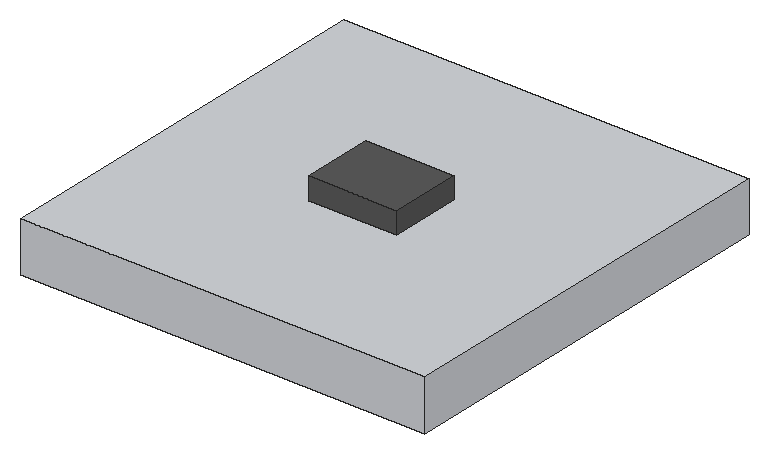
Revit family "r2018_videomax_urm_stoechnogo_ispolneniya", category Устройства связи, Revit 2018 (continued)
Definition of nested family "videomax_19 3U (3S, 3N)"
  Lines and regions (mm)
    model lines, visible <- "Front_500", detail levels fine
      curve 927: line (-38.67, 104.394, 0) -> (-39.638, 104.394, 0)
      curve 928: line (-39.638, 104.394, 0) -> (-39.638, 107.402, 0)
      curve 929: line (-37.781, 107.402, 0) -> (-36.41, 107.402, 0)
      curve 930: line (-36.395, 104.394, 0) -> (-37.746, 104.394, 0)
      curve 931: line (-38.24, 104.827, 0) -> (-38.24, 106.884, 0)
      curve 932: line (-37.269, 105.319, 0) -> (-37.269, 106.49, 0)
      curve 933: line (-34.449, 107.402, 0) -> (-32.241, 107.402, 0)
      curve 934: line (-32.241, 107.402, 0) -> (-32.241, 106.672, 0)
      curve 935: line (-32.241, 106.672, 0) -> (-33.747, 106.672, 0)
      curve 936: line (-33.926, 106.499, 0) -> (-33.926, 106.255, 0)
      curve 937: line (-33.926, 106.255, 0) -> (-32.285, 106.255, 0)
      curve 938: line (-32.285, 106.255, 0) -> (-32.285, 105.602, 0)
      curve 939: line (-32.285, 105.602, 0) -> (-33.926, 105.602, 0)
      curve 940: line (-33.926, 105.602, 0) -> (-33.926, 105.275, 0)
      curve 941: line (-33.731, 105.125, 0) -> (-32.241, 105.125, 0)
      curve 942: line (-32.241, 105.125, 0) -> (-32.241, 104.394, 0)
      curve 943: line (-32.241, 104.394, 0) -> (-34.395, 104.394, 0)
      curve 944: line (-34.897, 104.876, 0) -> (-34.897, 106.953, 0)
      curve 945: line (-28.361, 106.92, 0) -> (-28.361, 104.394, 0)
      curve 946: line (-28.361, 104.394, 0) -> (-27.386, 104.394, 0)
      curve 947: line (-27.386, 104.394, 0) -> (-27.416, 106.255, 0)
      curve 948: line (-27.416, 106.255, 0) -> (-26.844, 104.721, 0)
      curve 949: line (-26.545, 104.394, 0) -> (-26.296, 104.36, 0)
      curve 950: line (-26.296, 104.36, 0) -> (-26.03, 104.388, 0)
      curve 951: line (-25.711, 104.721, 0) -> (-25.221, 106.255, 0)
      curve 952: line (-25.221, 106.255, 0) -> (-25.169, 104.394, 0)
      curve 953: line (-25.169, 104.394, 0) -> (-24.189, 104.394, 0)
      curve 954: line (-24.189, 104.394, 0) -> (-24.189, 106.917, 0)
      curve 955: line (-25.697, 106.953, 0) -> (-26.192, 105.459, 0)
      curve 956: line (-26.361, 105.459, 0) -> (-26.86, 106.959, 0)
      curve 957: line (-20.725, 107.402, 0) -> (-19.565, 107.402, 0)
      curve 958: line (-19.565, 107.402, 0) -> (-19.054, 106.599, 0)
      curve 959: line (-19.054, 106.599, 0) -> (-18.542, 107.402, 0)
      curve 960: line (-18.542, 107.402, 0) -> (-17.382, 107.402, 0)
      curve 961: line (-17.382, 107.402, 0) -> (-18.486, 105.92, 0)
      curve 962: line (-18.486, 105.92, 0) -> (-17.348, 104.394, 0)
      curve 963: line (-17.348, 104.394, 0) -> (-18.505, 104.394, 0)
      curve 964: line (-18.505, 104.394, 0) -> (-19.054, 105.241, 0)
      curve 965: line (-19.054, 105.241, 0) -> (-19.599, 104.394, 0)
      curve 966: line (-19.599, 104.394, 0) -> (-20.753, 104.394, 0)
      curve 967: line (-20.753, 104.394, 0) -> (-19.621, 105.92, 0)
      curve 968: line (-19.621, 105.92, 0) -> (-20.725, 107.402, 0)
      curve 969: line (-22.988, 107.077, 0) -> (-24.102, 104.394, 0)
      curve 970: line (-24.102, 104.394, 0) -> (-23.08, 104.394, 0)
      curve 971: line (-23.08, 104.394, 0) -> (-22.844, 105.013, 0)
      curve 972: line (-22.844, 105.013, 0) -> (-21.761, 105.013, 0)
      curve 973: line (-21.761, 105.013, 0) -> (-21.525, 104.394, 0)
      curve 974: line (-21.525, 104.394, 0) -> (-20.508, 104.394, 0)
      curve 975: line (-20.508, 104.394, 0) -> (-21.617, 107.077, 0)
      curve 976: line (-38.151, 111.645, 0) -> (-40.843, 118.236, 0)
      curve 977: line (-40.843, 118.236, 0) -> (-38.175, 118.236, 0)
      curve 978: line (-38.175, 118.236, 0) -> (-36.349, 112.946, 0)
      curve 979: line (-36.099, 112.946, 0) -> (-34.584, 116.993, 0)
      curve 980: line (-31.862, 118.145, 0) -> (-34.299, 111.645, 0)
      curve 981: line (-30.71, 117.008, 0) -> (-29.34, 113.655, 0)
      curve 982: line (-29.34, 113.655, 0) -> (-27.968, 117.014, 0)
      curve 983: line (-24.105, 117.014, 0) -> (-21.415, 110.428, 0)
      curve 984: line (-21.415, 110.428, 0) -> (-24.084, 110.428, 0)
      curve 985: line (-24.084, 110.428, 0) -> (-25.879, 115.625, 0)
      curve 986: line (-26.194, 115.625, 0) -> (-28.006, 110.428, 0)
      curve 987: line (-28.006, 110.428, 0) -> (-30.675, 110.428, 0)
      curve 988: line (-30.675, 110.428, 0) -> (-32.259, 114.955, 0)
      curve 989: line (-32.259, 114.955, 0) -> (-31.208, 117.769, 0)
      curve 990: line (27.454, 82.508, 0) -> (27.454, 68.313, 0)
      curve 991: line (27.454, 68.313, 0) -> (33.726, 68.313, 0)
      curve 992: line (33.726, 68.313, 0) -> (33.726, 82.508, 0)
      curve 993: line (33.726, 82.508, 0) -> (27.454, 82.508, 0)
      curve 994: line (29.854, 80.435, 0) -> (29.854, 70.459, 0)
      curve 995: line (18.765, 82.508, 0) -> (18.765, 68.313, 0)
      curve 996: line (18.765, 68.313, 0) -> (25.037, 68.313, 0)
      curve 997: line (25.037, 68.313, 0) -> (25.037, 82.508, 0)
      curve 998: line (25.037, 82.508, 0) -> (18.765, 82.508, 0)
      curve 999: line (21.165, 80.435, 0) -> (21.165, 70.459, 0)
      curve 1000: line (-6.528, 14.183, 0) -> (-2.178, 14.183, 0)
      curve 1007: line (-11.199, 19.546, 0) -> (4.536, 19.546, 0)
      curve 1008: line (4.536, 19.546, 0) -> (4.536, 8.778, 0)
      curve 1009: line (4.536, 8.778, 0) -> (-11.236, 8.778, 0)
      curve 1010: line (-11.236, 8.778, 0) -> (-11.199, 19.546, 0)
      curve 1019: line (18.572, 19.447, 0) -> (34.307, 19.447, 0)
      curve 1020: line (34.307, 19.447, 0) -> (34.307, 8.678, 0)
      curve 1021: line (34.307, 8.678, 0) -> (18.535, 8.678, 0)
      curve 1022: line (18.535, 8.678, 0) -> (18.572, 19.447, 0)
      curve 1680: arc (-149.881, 123.057, 0) -> (-146.463, 119.402, 0) -> (-149.881, 115.747, 0) r 3.663
      curve 1681: arc (-154.006, 115.747, 0) -> (-157.469, 119.356, 0) -> (-154.106, 123.057, 0) r 3.664
      curve 1682: arc (-149.836, 107.064, 0) -> (-146.418, 103.409, 0) -> (-149.836, 99.754, 0) r 3.663
      curve 1683: arc (-153.961, 99.754, 0) -> (-157.424, 103.362, 0) -> (-154.061, 107.064, 0) r 3.664
      curve 1684: arc (-149.933, 17.347, 0) -> (-146.515, 13.692, 0) -> (-149.933, 10.037, 0) r 3.663
      curve 1685: arc (-154.058, 10.037, 0) -> (-157.521, 13.645, 0) -> (-154.158, 17.347, 0) r 3.664
      curve 1686: arc (-149.888, 1.354, 0) -> (-146.47, -2.302, 0) -> (-149.888, -5.957, 0) r 3.663
      curve 1687: arc (-154.013, -5.957, 0) -> (-157.476, -2.348, 0) -> (-154.113, 1.354, 0) r 3.664
      curve 1688: arc (-158.273, 83.54, 0) -> (-155.232, 86.987, 0) -> (-152.191, 83.54, 0) r 3.065
      curve 1689: arc (-152.191, 33.241, 0) -> (-155.233, 30.202, 0) -> (-158.273, 33.243, 0) r 3.041
      curve 1690: arc (311.534, 83.517, 0) -> (314.575, 86.964, 0) -> (317.616, 83.517, 0) r 3.065
      curve 1691: arc (317.616, 33.218, 0) -> (314.574, 30.179, 0) -> (311.534, 33.22, 0) r 3.041
      curve 1692: arc (313.873, 123.042, 0) -> (317.291, 119.387, 0) -> (313.873, 115.732, 0) r 3.663
      curve 1693: arc (309.748, 115.732, 0) -> (306.285, 119.34, 0) -> (309.648, 123.042, 0) r 3.664
      curve 1694: arc (313.918, 107.049, 0) -> (317.336, 103.394, 0) -> (313.918, 99.738, 0) r 3.663
      curve 1695: arc (309.793, 99.738, 0) -> (306.33, 103.347, 0) -> (309.693, 107.049, 0) r 3.664
      curve 1696: arc (313.821, 17.332, 0) -> (317.239, 13.676, 0) -> (313.821, 10.021, 0) r 3.663
      curve 1697: arc (309.696, 10.021, 0) -> (306.233, 13.63, 0) -> (309.596, 17.332, 0) r 3.664
      curve 1698: arc (313.866, 1.338, 0) -> (317.284, -2.317, 0) -> (313.866, -5.972, 0) r 3.663
      curve 1699: arc (309.741, -5.972, 0) -> (306.278, -2.363, 0) -> (309.641, 1.338, 0) r 3.664
      curve 1704: arc (-100.313, 66.381, 0) -> (-98.337, 65.527, 0) -> (-97.483, 63.551, 0) r 2.923
      curve 1705: arc (-97.475, 33.44, 0) -> (-98.303, 31.51, 0) -> (-100.208, 30.626, 0) r 2.935
      curve 1706: arc (-103.497, 30.626, 0) -> (-105.089, 31.201, 0) -> (-106.079, 32.573, 0) r 2.868
      curve 1707: arc (-106.133, 32.736, 0) -> (-106.162, 32.822, 0) -> (-106.183, 32.91, 0) r 1.175
      curve 1708: arc (-106.241, 63.669, 0) -> (-105.392, 65.546, 0) -> (-103.516, 66.395, 0) r 2.92
      curve 1709: arc (-111.736, 76.973, 0) -> (-103.272, 81.767, 0) -> (-94.215, 78.217, 0) r 11.313
      curve 1710: arc (-71.456, 66.359, 0) -> (-69.48, 65.504, 0) -> (-68.626, 63.529, 0) r 2.923
      curve 1711: arc (-68.618, 33.417, 0) -> (-69.446, 31.487, 0) -> (-71.351, 30.604, 0) r 2.935
      curve 1712: arc (-74.64, 30.604, 0) -> (-76.232, 31.179, 0) -> (-77.222, 32.551, 0) r 2.868
      curve 1713: arc (-77.276, 32.714, 0) -> (-77.305, 32.8, 0) -> (-77.326, 32.888, 0) r 1.175
      curve 1714: arc (-77.384, 63.647, 0) -> (-76.535, 65.523, 0) -> (-74.659, 66.372, 0) r 2.92
      curve 1715: arc (-82.879, 76.95, 0) -> (-74.415, 81.744, 0) -> (-65.358, 78.194, 0) r 11.313
      curve 1716: arc (-42.568, 66.382, 0) -> (-40.593, 65.528, 0) -> (-39.738, 63.552, 0) r 2.923
      curve 1717: arc (-39.731, 33.44, 0) -> (-40.558, 31.51, 0) -> (-42.463, 30.627, 0) r 2.935
      curve 1718: arc (-45.753, 30.627, 0) -> (-47.344, 31.202, 0) -> (-48.335, 32.574, 0) r 2.868
      curve 1719: arc (-48.389, 32.737, 0) -> (-48.417, 32.823, 0) -> (-48.439, 32.911, 0) r 1.175
      curve 1720: arc (-48.497, 63.67, 0) -> (-47.648, 65.546, 0) -> (-45.771, 66.396, 0) r 2.92
      curve 1721: arc (-53.992, 76.974, 0) -> (-45.527, 81.767, 0) -> (-36.471, 78.217, 0) r 11.313
      curve 1722: arc (-13.646, 66.45, 0) -> (-11.67, 65.595, 0) -> (-10.816, 63.62, 0) r 2.923
      curve 1723: arc (-10.808, 33.508, 0) -> (-11.636, 31.578, 0) -> (-13.541, 30.695, 0) r 2.935
      curve 1724: arc (-16.83, 30.695, 0) -> (-18.422, 31.269, 0) -> (-19.413, 32.641, 0) r 2.868
      curve 1725: arc (-19.467, 32.805, 0) -> (-19.495, 32.891, 0) -> (-19.517, 32.979, 0) r 1.175
      curve 1726: arc (-19.574, 63.738, 0) -> (-18.725, 65.614, 0) -> (-16.849, 66.463, 0) r 2.92
      curve 1727: arc (-25.069, 77.041, 0) -> (-16.605, 81.835, 0) -> (-7.548, 78.285, 0) r 11.313
      curve 1728: arc (15.207, 66.496, 0) -> (17.183, 65.642, 0) -> (18.037, 63.666, 0) r 2.923
      curve 1729: arc (18.045, 33.554, 0) -> (17.217, 31.624, 0) -> (15.312, 30.741, 0) r 2.935
      curve 1730: arc (12.023, 30.741, 0) -> (10.431, 31.316, 0) -> (9.44, 32.688, 0) r 2.868
      curve 1731: arc (9.386, 32.851, 0) -> (9.358, 32.937, 0) -> (9.336, 33.025, 0) r 1.175
      curve 1732: arc (9.279, 63.784, 0) -> (10.128, 65.66, 0) -> (12.004, 66.51, 0) r 2.92
      curve 1733: arc (3.784, 77.088, 0) -> (12.248, 81.881, 0) -> (21.305, 78.331, 0) r 11.313
      curve 1734: arc (35.041, 116.377, 0) -> (35.429, 117.338, 0) -> (36.39, 117.727, 0) r 1.327
      curve 1735: arc (62.785, 117.727, 0) -> (63.794, 117.33, 0) -> (64.19, 116.322, 0) r 1.356
      curve 1736: arc (64.19, 89.918, 0) -> (63.74, 88.928, 0) -> (62.712, 88.578, 0) r 1.37
      curve 1737: arc (36.211, 88.578, 0) -> (35.398, 89.003, 0) -> (35.041, 89.848, 0) r 1.36
      curve 1738: arc (39.13, 96.686, 0) -> (38.955, 96.409, 0) -> (38.669, 96.249, 0) r 0.669
      curve 1739: arc (38.669, 96.249, 0) -> (38.38, 96.214, 0) -> (38.091, 96.248, 0) r 1.221
      curve 1740: arc (38.091, 96.248, 0) -> (37.804, 96.408, 0) -> (37.628, 96.686, 0) r 0.666
      curve 1741: arc (43.59, 99.256, 0) -> (44.262, 99.082, 0) -> (44.679, 98.526, 0) r 1.05
      curve 1742: arc (44.679, 98.526, 0) -> (44.758, 97.695, 0) -> (44.649, 96.867, 0) r 3.691
      curve 1743: arc (44.649, 96.867, 0) -> (44.233, 96.379, 0) -> (43.605, 96.248, 0) r 0.991
      curve 1744: arc (42.254, 96.248, 0) -> (41.908, 96.351, 0) -> (41.76, 96.681, 0) r 0.433
      curve 1745: arc (41.76, 98.738, 0) -> (41.863, 99.11, 0) -> (42.219, 99.256, 0) r 0.438
      curve 1746: arc (42.731, 98.344, 0) -> (42.754, 98.459, 0) -> (42.85, 98.526, 0) r 0.158
      curve 1747: arc (42.85, 98.526, 0) -> (43.044, 98.534, 0) -> (43.237, 98.526, 0) r 2.175
      curve 1748: arc (43.237, 98.526, 0) -> (43.558, 98.407, 0) -> (43.725, 98.109, 0) r 0.495
      curve 1749: arc (43.725, 98.109, 0) -> (43.762, 97.783, 0) -> (43.74, 97.456, 0) r 1.804
      curve 1750: arc (43.74, 97.456, 0) -> (43.649, 97.193, 0) -> (43.42, 97.037, 0) r 0.439
      curve 1751: arc (43.42, 97.037, 0) -> (43.178, 96.998, 0) -> (42.933, 96.996, 0) r 1.635
      curve 1752: arc (42.933, 96.996, 0) -> (42.788, 97.035, 0) -> (42.731, 97.173, 0) r 0.169
      curve 1753: arc (45.103, 98.807, 0) -> (45.226, 99.132, 0) -> (45.551, 99.256, 0) r 0.425
      curve 1754: arc (46.253, 98.526, 0) -> (46.121, 98.483, 0) -> (46.074, 98.353, 0) r 0.158
      curve 1755: arc (46.074, 97.129, 0) -> (46.132, 97.003, 0) -> (46.269, 96.979, 0) r 0.15
      curve 1756: arc (45.605, 96.248, 0) -> (45.23, 96.36, 0) -> (45.103, 96.73, 0) r 0.428
      curve 1757: arc (48.062, 98.526, 0) -> (48.404, 99.046, 0) -> (48.99, 99.256, 0) r 0.982
      curve 1758: arc (48.99, 99.256, 0) -> (49.641, 99.291, 0) -> (50.292, 99.256, 0) r 6.122
      curve 1759: arc (50.292, 99.256, 0) -> (50.879, 99.049, 0) -> (51.219, 98.526, 0) r 0.967
      curve 1760: arc (51.219, 98.526, 0) -> (51.295, 97.694, 0) -> (51.18, 96.867, 0) r 3.655
      curve 1761: arc (51.18, 96.867, 0) -> (50.828, 96.424, 0) -> (50.29, 96.248, 0) r 0.985
      curve 1762: arc (50.29, 96.248, 0) -> (49.646, 96.214, 0) -> (49.002, 96.248, 0) r 6.021
      curve 1763: arc (49.002, 96.248, 0) -> (48.457, 96.419, 0) -> (48.101, 96.867, 0) r 0.975
      curve 1764: arc (48.101, 96.867, 0) -> (47.986, 97.694, 0) -> (48.062, 98.526, 0) r 3.652
      curve 1765: arc (49.005, 98.109, 0) -> (49.138, 98.38, 0) -> (49.402, 98.526, 0) r 0.501
      curve 1766: arc (49.402, 98.526, 0) -> (49.649, 98.543, 0) -> (49.896, 98.524, 0) r 1.717
      curve 1767: arc (49.896, 98.524, 0) -> (50.149, 98.374, 0) -> (50.279, 98.109, 0) r 0.517
      curve 1768: arc (50.279, 98.109, 0) -> (50.298, 97.783, 0) -> (50.287, 97.456, 0) r 3.538
      curve 1769: arc (50.287, 97.456, 0) -> (50.151, 97.136, 0) -> (49.84, 96.979, 0) r 0.506
      curve 1770: arc (49.84, 96.979, 0) -> (49.616, 96.962, 0) -> (49.393, 96.979, 0) r 1.454
      curve 1771: arc (49.393, 96.979, 0) -> (49.116, 97.15, 0) -> (49.005, 97.456, 0) r 0.493
      curve 1772: arc (49.005, 97.456, 0) -> (48.983, 97.782, 0) -> (49.005, 98.109, 0) r 2.406
      curve 1773: arc (53.156, 96.575, 0) -> (53.261, 96.371, 0) -> (53.455, 96.248, 0) r 0.437
      curve 1774: arc (53.97, 96.242, 0) -> (54.177, 96.363, 0) -> (54.289, 96.575, 0) r 0.437
      curve 1775: arc (55.811, 98.77, 0) -> (55.701, 99.093, 0) -> (55.401, 99.256, 0) r 0.469
      curve 1776: arc (55.401, 99.256, 0) -> (55.077, 99.291, 0) -> (54.753, 99.256, 0) r 1.531
      curve 1777: arc (54.753, 99.256, 0) -> (54.469, 99.091, 0) -> (54.303, 98.807, 0) r 0.642
      curve 1778: arc (53.808, 97.313, 0) -> (53.723, 97.233, 0) -> (53.639, 97.313, 0) r 0.085
      curve 1779: arc (53.14, 98.813, 0) -> (52.974, 99.093, 0) -> (52.693, 99.256, 0) r 0.645
      curve 1780: arc (52.693, 99.256, 0) -> (52.37, 99.291, 0) -> (52.048, 99.256, 0) r 1.515
      curve 1781: arc (52.048, 99.256, 0) -> (51.752, 99.092, 0) -> (51.639, 98.774, 0) r 0.478
      curve 1782: arc (58.383, 98.931, 0) -> (58.247, 99.136, 0) -> (58.032, 99.256, 0) r 0.524
      curve 1783: arc (58.032, 99.256, 0) -> (57.702, 99.291, 0) -> (57.372, 99.256, 0) r 1.588
      curve 1784: arc (57.372, 99.256, 0) -> (57.149, 99.141, 0) -> (57.012, 98.931, 0) r 0.487
      curve 1785: arc (43.651, 104.8, 0) -> (43.776, 104.71, 0) -> (43.901, 104.8, 0) r 0.132
      curve 1786: arc (45.416, 108.847, 0) -> (45.977, 109.672, 0) -> (46.896, 110.059, 0) r 1.757
      curve 1787: arc (46.896, 110.059, 0) -> (47.52, 110.087, 0) -> (48.138, 109.998, 0) r 3.339
      curve 1788: arc (45.701, 103.499, 0) -> (45.252, 102.788, 0) -> (44.519, 102.376, 0) r 1.716
      curve 1789: arc (44.519, 102.376, 0) -> (43.777, 102.287, 0) -> (43.036, 102.375, 0) r 3.132
      curve 1790: arc (43.036, 102.375, 0) -> (42.3, 102.786, 0) -> (41.849, 103.499, 0) r 1.708
      curve 1791: arc (48.792, 109.623, 0) -> (49.083, 109.27, 0) -> (49.29, 108.862, 0) r 2.097
      curve 1792: arc (52.032, 108.868, 0) -> (52.381, 109.473, 0) -> (52.935, 109.898, 0) r 1.789
      curve 1793: arc (52.935, 109.898, 0) -> (53.949, 110.091, 0) -> (54.965, 109.91, 0) r 2.857
      curve 1794: arc (54.965, 109.91, 0) -> (55.536, 109.484, 0) -> (55.895, 108.868, 0) r 1.781
      curve 1795: arc (54.121, 107.479, 0) -> (53.964, 107.606, 0) -> (53.806, 107.479, 0) r 0.161
      curve 1796: circle (73.711, 113.268, 0) r 3.045 normal (0, 0, 1)
      curve 1797: circle (86.734, 113.301, 0) r 3.045 normal (0, 0, 1)
      curve 1798: circle (73.739, 101.843, 0) r 3.045 normal (0, 0, 1)
      curve 1799: circle (86.762, 101.876, 0) r 3.045 normal (0, 0, 1)
      curve 1800: circle (73.709, 90.524, 0) r 3.045 normal (0, 0, 1)
      curve 1801: circle (86.732, 90.557, 0) r 3.045 normal (0, 0, 1)
      curve 1802: circle (73.693, 79.217, 0) r 3.045 normal (0, 0, 1)
      curve 1803: circle (86.716, 79.25, 0) r 3.045 normal (0, 0, 1)
      curve 1804: circle (73.658, 67.839, 0) r 3.045 normal (0, 0, 1)
      curve 1805: circle (86.681, 67.872, 0) r 3.045 normal (0, 0, 1)
      curve 1806: circle (73.675, 56.426, 0) r 3.045 normal (0, 0, 1)
      curve 1807: circle (86.698, 56.46, 0) r 3.045 normal (0, 0, 1)
      curve 1808: circle (73.704, 45.001, 0) r 3.045 normal (0, 0, 1)
      curve 1809: circle (86.727, 45.035, 0) r 3.045 normal (0, 0, 1)
      curve 1810: circle (73.673, 33.682, 0) r 3.045 normal (0, 0, 1)
      curve 1811: circle (86.696, 33.716, 0) r 3.045 normal (0, 0, 1)
      curve 1812: circle (73.657, 22.375, 0) r 3.045 normal (0, 0, 1)
      curve 1813: circle (86.68, 22.409, 0) r 3.045 normal (0, 0, 1)
      curve 1814: circle (43.337, 6.119, 0) r 3.045 normal (0, 0, 1)
      curve 1815: circle (55.634, 6.178, 0) r 3.045 normal (0, 0, 1)
      curve 1816: circle (109.423, 6.115, 0) r 3.045 normal (0, 0, 1)
      curve 1817: circle (140.308, 116.513, 0) r 3.045 normal (0, 0, 1)
      curve 1818: circle (151.673, 116.513, 0) r 3.045 normal (0, 0, 1)
      curve 1819: circle (162.998, 116.516, 0) r 3.045 normal (0, 0, 1)
      curve 1820: circle (174.465, 116.618, 0) r 3.045 normal (0, 0, 1)
      curve 1821: circle (185.841, 116.617, 0) r 3.045 normal (0, 0, 1)
      curve 1822: circle (197.161, 116.515, 0) r 3.045 normal (0, 0, 1)
      curve 1823: circle (208.525, 116.413, 0) r 3.045 normal (0, 0, 1)
      curve 1824: circle (219.853, 116.571, 0) r 3.045 normal (0, 0, 1)
      curve 1825: circle (231.226, 116.367, 0) r 3.045 normal (0, 0, 1)
      curve 1826: circle (242.59, 116.519, 0) r 3.045 normal (0, 0, 1)
      curve 1827: circle (253.918, 116.52, 0) r 3.045 normal (0, 0, 1)
      curve 1828: circle (265.384, 116.52, 0) r 3.045 normal (0, 0, 1)
      curve 1829: circle (140.301, 103.373, 0) r 3.045 normal (0, 0, 1)
      curve 1830: circle (151.665, 103.373, 0) r 3.045 normal (0, 0, 1)
      curve 1831: circle (162.991, 103.376, 0) r 3.045 normal (0, 0, 1)
      curve 1832: circle (174.457, 103.478, 0) r 3.045 normal (0, 0, 1)
      curve 1833: circle (185.833, 103.477, 0) r 3.045 normal (0, 0, 1)
      curve 1834: circle (197.154, 103.375, 0) r 3.045 normal (0, 0, 1)
      curve 1835: circle (208.518, 103.273, 0) r 3.045 normal (0, 0, 1)
      curve 1836: circle (219.846, 103.431, 0) r 3.045 normal (0, 0, 1)
      curve 1837: circle (231.218, 103.226, 0) r 3.045 normal (0, 0, 1)
      curve 1838: circle (242.583, 103.379, 0) r 3.045 normal (0, 0, 1)
      curve 1839: circle (253.91, 103.38, 0) r 3.045 normal (0, 0, 1)
      curve 1840: circle (265.376, 103.38, 0) r 3.045 normal (0, 0, 1)
      curve 1841: circle (140.403, 90.4, 0) r 3.045 normal (0, 0, 1)
      curve 1842: circle (151.767, 90.4, 0) r 3.045 normal (0, 0, 1)
      curve 1843: circle (163.093, 90.403, 0) r 3.045 normal (0, 0, 1)
      curve 1844: circle (174.559, 90.505, 0) r 3.045 normal (0, 0, 1)
      curve 1845: circle (185.935, 90.504, 0) r 3.045 normal (0, 0, 1)
      curve 1846: circle (197.256, 90.402, 0) r 3.045 normal (0, 0, 1)
      curve 1847: circle (208.62, 90.3, 0) r 3.045 normal (0, 0, 1)
      curve 1848: circle (219.948, 90.458, 0) r 3.045 normal (0, 0, 1)
      curve 1849: circle (231.32, 90.254, 0) r 3.045 normal (0, 0, 1)
      curve 1850: circle (242.685, 90.407, 0) r 3.045 normal (0, 0, 1)
      curve 1851: circle (254.012, 90.407, 0) r 3.045 normal (0, 0, 1)
      curve 1852: circle (265.479, 90.407, 0) r 3.045 normal (0, 0, 1)
      curve 1853: circle (141.715, 73.114, 0) r 3.045 normal (0, 0, 1)
      curve 1854: circle (135.707, 66.981, 0) r 3.045 normal (0, 0, 1)
      curve 1855: circle (148.077, 66.981, 0) r 3.045 normal (0, 0, 1)
      curve 1856: circle (154.181, 73.178, 0) r 3.045 normal (0, 0, 1)
      curve 1857: circle (160.169, 67.069, 0) r 3.045 normal (0, 0, 1)
      curve 1858: circle (166.338, 73.17, 0) r 3.045 normal (0, 0, 1)
      curve 1859: circle (172.7, 66.973, 0) r 3.045 normal (0, 0, 1)
      curve 1860: circle (178.717, 73.142, 0) r 3.045 normal (0, 0, 1)
      curve 1861: circle (184.822, 67.009, 0) r 3.045 normal (0, 0, 1)
      curve 1862: circle (190.991, 73.142, 0) r 3.045 normal (0, 0, 1)
      curve 1863: circle (197.336, 66.973, 0) r 3.045 normal (0, 0, 1)
      curve 1864: circle (203.344, 73.138, 0) r 3.045 normal (0, 0, 1)
      curve 1865: circle (209.448, 66.973, 0) r 3.045 normal (0, 0, 1)
      curve 1866: circle (215.585, 73.106, 0) r 3.045 normal (0, 0, 1)
      curve 1867: circle (221.766, 67.038, 0) r 3.045 normal (0, 0, 1)
      curve 1868: circle (227.903, 73.106, 0) r 3.045 normal (0, 0, 1)
      curve 1869: circle (234.007, 66.942, 0) r 3.045 normal (0, 0, 1)
      curve 1870: circle (240.125, 73.109, 0) r 3.045 normal (0, 0, 1)
      curve 1871: circle (246.358, 66.976, 0) r 3.045 normal (0, 0, 1)
      curve 1872: circle (252.431, 73.173, 0) r 3.045 normal (0, 0, 1)
      curve 1873: circle (258.579, 67.038, 0) r 3.045 normal (0, 0, 1)
      curve 1874: circle (264.683, 73.203, 0) r 3.045 normal (0, 0, 1)
      curve 1875: circle (270.98, 67.038, 0) r 3.045 normal (0, 0, 1)
      curve 1876: circle (141.679, 60.81, 0) r 3.045 normal (0, 0, 1)
      curve 1877: circle (135.671, 54.677, 0) r 3.045 normal (0, 0, 1)
      curve 1878: circle (148.041, 54.677, 0) r 3.045 normal (0, 0, 1)
      curve 1879: circle (154.145, 60.874, 0) r 3.045 normal (0, 0, 1)
      curve 1880: circle (160.134, 54.765, 0) r 3.045 normal (0, 0, 1)
      curve 1881: circle (166.302, 60.865, 0) r 3.045 normal (0, 0, 1)
      curve 1882: circle (172.664, 54.669, 0) r 3.045 normal (0, 0, 1)
      curve 1883: circle (178.682, 60.837, 0) r 3.045 normal (0, 0, 1)
      curve 1884: circle (184.786, 54.705, 0) r 3.045 normal (0, 0, 1)
      curve 1885: circle (190.955, 60.837, 0) r 3.045 normal (0, 0, 1)
      curve 1886: circle (197.3, 54.669, 0) r 3.045 normal (0, 0, 1)
      curve 1887: circle (203.308, 60.834, 0) r 3.045 normal (0, 0, 1)
      curve 1888: circle (209.413, 54.669, 0) r 3.045 normal (0, 0, 1)
      curve 1889: circle (215.549, 60.802, 0) r 3.045 normal (0, 0, 1)
      curve 1890: circle (221.731, 54.733, 0) r 3.045 normal (0, 0, 1)
      curve 1891: circle (227.867, 60.802, 0) r 3.045 normal (0, 0, 1)
      curve 1892: circle (233.972, 54.637, 0) r 3.045 normal (0, 0, 1)
      curve 1893: circle (240.09, 60.805, 0) r 3.045 normal (0, 0, 1)
      curve 1894: circle (246.323, 54.672, 0) r 3.045 normal (0, 0, 1)
      curve 1895: circle (252.395, 60.869, 0) r 3.045 normal (0, 0, 1)
      curve 1896: circle (258.543, 54.733, 0) r 3.045 normal (0, 0, 1)
      curve 1897: circle (264.647, 60.898, 0) r 3.045 normal (0, 0, 1)
      curve 1898: circle (270.945, 54.733, 0) r 3.045 normal (0, 0, 1)
      curve 1899: circle (141.679, 48.537, 0) r 3.045 normal (0, 0, 1)
      curve 1900: circle (135.671, 42.405, 0) r 3.045 normal (0, 0, 1)
      curve 1901: circle (148.041, 42.405, 0) r 3.045 normal (0, 0, 1)
      curve 1902: circle (154.145, 48.602, 0) r 3.045 normal (0, 0, 1)
      curve 1903: circle (160.133, 42.493, 0) r 3.045 normal (0, 0, 1)
      curve 1904: circle (166.302, 48.593, 0) r 3.045 normal (0, 0, 1)
      curve 1905: circle (172.664, 42.396, 0) r 3.045 normal (0, 0, 1)
      curve 1906: circle (178.682, 48.565, 0) r 3.045 normal (0, 0, 1)
      curve 1907: circle (184.786, 42.433, 0) r 3.045 normal (0, 0, 1)
      curve 1908: circle (190.955, 48.565, 0) r 3.045 normal (0, 0, 1)
      curve 1909: circle (197.3, 42.397, 0) r 3.045 normal (0, 0, 1)
      curve 1910: circle (203.308, 48.562, 0) r 3.045 normal (0, 0, 1)
      curve 1911: circle (209.413, 42.397, 0) r 3.045 normal (0, 0, 1)
      curve 1912: circle (215.549, 48.529, 0) r 3.045 normal (0, 0, 1)
      curve 1913: circle (221.731, 42.461, 0) r 3.045 normal (0, 0, 1)
      curve 1914: circle (227.867, 48.53, 0) r 3.045 normal (0, 0, 1)
      curve 1915: circle (233.972, 42.365, 0) r 3.045 normal (0, 0, 1)
      curve 1916: circle (240.089, 48.533, 0) r 3.045 normal (0, 0, 1)
      curve 1917: circle (246.322, 42.4, 0) r 3.045 normal (0, 0, 1)
      curve 1918: circle (252.395, 48.597, 0) r 3.045 normal (0, 0, 1)
      curve 1919: circle (258.543, 42.461, 0) r 3.045 normal (0, 0, 1)
      curve 1920: circle (264.647, 48.626, 0) r 3.045 normal (0, 0, 1)
      curve 1921: circle (270.945, 42.461, 0) r 3.045 normal (0, 0, 1)
      curve 1922: circle (141.712, 36.165, 0) r 3.045 normal (0, 0, 1)
      curve 1923: circle (135.704, 30.033, 0) r 3.045 normal (0, 0, 1)
      curve 1924: circle (148.073, 30.033, 0) r 3.045 normal (0, 0, 1)
      curve 1925: circle (154.178, 36.23, 0) r 3.045 normal (0, 0, 1)
      curve 1926: circle (160.166, 30.121, 0) r 3.045 normal (0, 0, 1)
      curve 1927: circle (166.335, 36.221, 0) r 3.045 normal (0, 0, 1)
      curve 1928: circle (172.696, 30.024, 0) r 3.045 normal (0, 0, 1)
      curve 1929: circle (178.714, 36.193, 0) r 3.045 normal (0, 0, 1)
      curve 1930: circle (184.819, 30.061, 0) r 3.045 normal (0, 0, 1)
      curve 1931: circle (190.987, 36.193, 0) r 3.045 normal (0, 0, 1)
      curve 1932: circle (197.333, 30.025, 0) r 3.045 normal (0, 0, 1)
      curve 1933: circle (203.341, 36.189, 0) r 3.045 normal (0, 0, 1)
      curve 1934: circle (209.445, 30.025, 0) r 3.045 normal (0, 0, 1)
      curve 1935: circle (215.582, 36.157, 0) r 3.045 normal (0, 0, 1)
      curve 1936: circle (221.763, 30.089, 0) r 3.045 normal (0, 0, 1)
      curve 1937: circle (227.9, 36.158, 0) r 3.045 normal (0, 0, 1)
      curve 1938: circle (234.004, 29.993, 0) r 3.045 normal (0, 0, 1)
      curve 1939: circle (240.122, 36.16, 0) r 3.045 normal (0, 0, 1)
      curve 1940: circle (246.355, 30.028, 0) r 3.045 normal (0, 0, 1)
      curve 1941: circle (252.427, 36.225, 0) r 3.045 normal (0, 0, 1)
      curve 1942: circle (258.575, 30.089, 0) r 3.045 normal (0, 0, 1)
      curve 1943: circle (264.68, 36.254, 0) r 3.045 normal (0, 0, 1)
      curve 1944: circle (270.977, 30.089, 0) r 3.045 normal (0, 0, 1)
      curve 1945: circle (141.649, 23.855, 0) r 3.045 normal (0, 0, 1)
      curve 1946: circle (135.641, 17.722, 0) r 3.045 normal (0, 0, 1)
      curve 1947: circle (148.011, 17.722, 0) r 3.045 normal (0, 0, 1)
      curve 1948: circle (154.115, 23.919, 0) r 3.045 normal (0, 0, 1)
      curve 1949: circle (160.103, 17.81, 0) r 3.045 normal (0, 0, 1)
      curve 1950: circle (166.272, 23.91, 0) r 3.045 normal (0, 0, 1)
      curve 1951: circle (172.634, 17.713, 0) r 3.045 normal (0, 0, 1)
      curve 1952: circle (178.652, 23.882, 0) r 3.045 normal (0, 0, 1)
      curve 1953: circle (184.756, 17.75, 0) r 3.045 normal (0, 0, 1)
      curve 1954: circle (190.925, 23.882, 0) r 3.045 normal (0, 0, 1)
      curve 1955: circle (197.27, 17.714, 0) r 3.045 normal (0, 0, 1)
      curve 1956: circle (203.278, 23.879, 0) r 3.045 normal (0, 0, 1)
      curve 1957: circle (209.383, 17.714, 0) r 3.045 normal (0, 0, 1)
      curve 1958: circle (215.519, 23.846, 0) r 3.045 normal (0, 0, 1)
      curve 1959: circle (221.701, 17.778, 0) r 3.045 normal (0, 0, 1)
      curve 1960: circle (227.837, 23.847, 0) r 3.045 normal (0, 0, 1)
      curve 1961: circle (233.942, 17.682, 0) r 3.045 normal (0, 0, 1)
      curve 1962: circle (240.059, 23.85, 0) r 3.045 normal (0, 0, 1)
      curve 1963: circle (246.292, 17.717, 0) r 3.045 normal (0, 0, 1)
      curve 1964: circle (252.365, 23.914, 0) r 3.045 normal (0, 0, 1)
      curve 1965: circle (258.513, 17.778, 0) r 3.045 normal (0, 0, 1)
      curve 1966: circle (264.617, 23.943, 0) r 3.045 normal (0, 0, 1)
      curve 1967: circle (270.915, 17.778, 0) r 3.045 normal (0, 0, 1)
      curve 1968: circle (141.712, 11.832, 0) r 3.045 normal (0, 0, 1)
      curve 1969: circle (135.703, 5.7, 0) r 3.045 normal (0, 0, 1)
      curve 1970: circle (148.073, 5.7, 0) r 3.045 normal (0, 0, 1)
      curve 1971: circle (154.178, 11.897, 0) r 3.045 normal (0, 0, 1)
      curve 1972: circle (160.166, 5.788, 0) r 3.045 normal (0, 0, 1)
      curve 1973: circle (166.334, 11.888, 0) r 3.045 normal (0, 0, 1)
      curve 1974: circle (178.714, 11.86, 0) r 3.045 normal (0, 0, 1)
      curve 1975: circle (184.818, 5.728, 0) r 3.045 normal (0, 0, 1)
      curve 1976: circle (190.987, 11.86, 0) r 3.045 normal (0, 0, 1)
      curve 1977: circle (197.332, 5.692, 0) r 3.045 normal (0, 0, 1)
      curve 1978: circle (203.34, 11.856, 0) r 3.045 normal (0, 0, 1)
      curve 1979: circle (209.445, 5.692, 0) r 3.045 normal (0, 0, 1)
      curve 1980: circle (215.582, 11.824, 0) r 3.045 normal (0, 0, 1)
      curve 1981: circle (221.763, 5.756, 0) r 3.045 normal (0, 0, 1)
      curve 1982: circle (227.899, 11.825, 0) r 3.045 normal (0, 0, 1)
      curve 1983: circle (234.004, 5.66, 0) r 3.045 normal (0, 0, 1)
      curve 1984: circle (240.122, 11.827, 0) r 3.045 normal (0, 0, 1)
      curve 1985: circle (246.355, 5.695, 0) r 3.045 normal (0, 0, 1)
      curve 1986: circle (252.427, 11.892, 0) r 3.045 normal (0, 0, 1)
      curve 1987: circle (258.575, 5.756, 0) r 3.045 normal (0, 0, 1)
      curve 1988: circle (264.68, 11.921, 0) r 3.045 normal (0, 0, 1)
      curve 1989: circle (270.977, 5.756, 0) r 3.045 normal (0, 0, 1)
      curve 1990: circle (141.79, -0.511, 0) r 3.045 normal (0, 0, 1)
      curve 1991: circle (154.159, -0.511, 0) r 3.045 normal (0, 0, 1)
      curve 1992: circle (166.252, -0.423, 0) r 3.045 normal (0, 0, 1)
      curve 1993: circle (172.421, 5.677, 0) r 3.045 normal (0, 0, 1)
      curve 1994: circle (178.782, -0.52, 0) r 3.045 normal (0, 0, 1)
      curve 1995: circle (190.905, -0.483, 0) r 3.045 normal (0, 0, 1)
      curve 1996: circle (203.419, -0.519, 0) r 3.045 normal (0, 0, 1)
      curve 1997: circle (215.531, -0.519, 0) r 3.045 normal (0, 0, 1)
      curve 1998: circle (227.849, -0.455, 0) r 3.045 normal (0, 0, 1)
      curve 1999: circle (240.09, -0.551, 0) r 3.045 normal (0, 0, 1)
      curve 2000: circle (252.441, -0.516, 0) r 3.045 normal (0, 0, 1)
      curve 2001: circle (264.661, -0.455, 0) r 3.045 normal (0, 0, 1)
      curve 2002: arc (76.921, 4.039, 0) -> (81.733, 6.037, 0) -> (76.921, 8.034, 0) r 2.821
      curve 2003: line (-154.106, 123.057, 0) -> (-149.881, 123.057, 0)
      curve 2004: line (-149.881, 115.747, 0) -> (-154.006, 115.747, 0)
      curve 2005: line (-154.061, 107.064, 0) -> (-149.836, 107.064, 0)
      curve 2006: line (-149.836, 99.754, 0) -> (-153.961, 99.754, 0)
      curve 2007: line (-154.158, 17.347, 0) -> (-149.933, 17.347, 0)
      curve 2008: line (-149.933, 10.037, 0) -> (-154.058, 10.037, 0)
      curve 2009: line (-154.113, 1.354, 0) -> (-149.888, 1.354, 0)
      curve 2010: line (-149.888, -5.957, 0) -> (-154.013, -5.957, 0)
      curve 2011: line (-158.273, 33.243, 0) -> (-158.273, 83.54, 0)
      curve 2012: line (-152.191, 83.54, 0) -> (-152.191, 33.241, 0)
      curve 2013: line (311.534, 33.22, 0) -> (311.534, 83.517, 0)
      curve 2014: line (317.616, 83.517, 0) -> (317.616, 33.218, 0)
      curve 2015: line (309.648, 123.042, 0) -> (313.873, 123.042, 0)
      curve 2016: line (313.873, 115.732, 0) -> (309.748, 115.732, 0)
      curve 2017: line (309.693, 107.049, 0) -> (313.918, 107.049, 0)
      curve 2018: line (313.918, 99.738, 0) -> (309.793, 99.738, 0)
      curve 2019: line (309.596, 17.332, 0) -> (313.821, 17.332, 0)
      curve 2020: line (313.821, 10.021, 0) -> (309.696, 10.021, 0)
      curve 2021: line (309.641, 1.338, 0) -> (313.866, 1.338, 0)
      curve 2022: line (313.866, -5.972, 0) -> (309.741, -5.972, 0)
      curve 2031: line (-103.522, 66.381, 0) -> (-100.313, 66.381, 0)
      curve 2032: line (-97.483, 63.551, 0) -> (-97.17, 56.24, 0)
      curve 2033: line (-97.17, 56.24, 0) -> (-97.081, 50.044, 0)
      curve 2034: line (-97.081, 50.044, 0) -> (-97.081, 43.462, 0)
      curve 2035: line (-97.081, 43.462, 0) -> (-97.475, 33.44, 0)
      curve 2036: line (-100.208, 30.626, 0) -> (-103.497, 30.626, 0)
      curve 2037: line (-106.079, 32.573, 0) -> (-106.133, 32.736, 0)
      curve 2038: line (-106.218, 33.054, 0) -> (-106.301, 33.399, 0)
      curve 2039: line (-106.301, 33.399, 0) -> (-106.696, 42.695, 0)
      curve 2040: line (-106.696, 42.695, 0) -> (-106.753, 45.774, 0)
      curve 2041: line (-106.753, 45.774, 0) -> (-106.773, 48.883, 0)
      curve 2042: line (-106.773, 48.883, 0) -> (-106.728, 53.432, 0)
      curve 2043: line (-106.728, 53.432, 0) -> (-106.533, 59.156, 0)
      curve 2044: line (-106.533, 59.156, 0) -> (-106.241, 63.669, 0)
      curve 2045: line (-114.948, 48.182, 0) -> (-112.691, 70.605, 0)
      curve 2046: line (-112.691, 70.605, 0) -> (-112.214, 74.956, 0)
      curve 2047: line (-112.214, 74.956, 0) -> (-111.736, 76.973, 0)
      curve 2048: line (-94.215, 78.217, 0) -> (-93.397, 76.861, 0)
      curve 2049: line (-93.397, 76.861, 0) -> (-92.852, 75.044, 0)
      curve 2050: line (-92.852, 75.044, 0) -> (-88.916, 48.108, 0)
      curve 2055: line (-74.665, 66.359, 0) -> (-71.456, 66.359, 0)
      curve 2056: line (-68.626, 63.529, 0) -> (-68.313, 56.217, 0)
      curve 2057: line (-68.313, 56.217, 0) -> (-68.224, 50.021, 0)
      curve 2058: line (-68.224, 50.021, 0) -> (-68.224, 43.439, 0)
      curve 2059: line (-68.224, 43.439, 0) -> (-68.618, 33.417, 0)
      curve 2060: line (-71.351, 30.604, 0) -> (-74.64, 30.604, 0)
      curve 2061: line (-77.222, 32.551, 0) -> (-77.276, 32.714, 0)
      curve 2062: line (-77.361, 33.031, 0) -> (-77.444, 33.376, 0)
      curve 2063: line (-77.444, 33.376, 0) -> (-77.839, 42.673, 0)
      curve 2064: line (-77.839, 42.673, 0) -> (-77.896, 45.752, 0)
      curve 2065: line (-77.896, 45.752, 0) -> (-77.916, 48.861, 0)
      curve 2066: line (-77.916, 48.861, 0) -> (-77.871, 53.41, 0)
      curve 2067: line (-77.871, 53.41, 0) -> (-77.676, 59.134, 0)
      curve 2068: line (-77.676, 59.134, 0) -> (-77.384, 63.647, 0)
      curve 2069: line (-86.091, 48.159, 0) -> (-83.834, 70.582, 0)
      curve 2070: line (-83.834, 70.582, 0) -> (-83.357, 74.934, 0)
      curve 2071: line (-83.357, 74.934, 0) -> (-82.879, 76.95, 0)
      curve 2072: line (-65.358, 78.194, 0) -> (-64.54, 76.839, 0)
      curve 2073: line (-64.54, 76.839, 0) -> (-63.995, 75.022, 0)
      curve 2074: line (-63.995, 75.022, 0) -> (-60.059, 48.086, 0)
      curve 2079: line (-45.778, 66.382, 0) -> (-42.568, 66.382, 0)
      curve 2080: line (-39.738, 63.552, 0) -> (-39.425, 56.24, 0)
      curve 2081: line (-39.425, 56.24, 0) -> (-39.336, 50.044, 0)
      curve 2082: line (-39.336, 50.044, 0) -> (-39.336, 43.463, 0)
      curve 2083: line (-39.336, 43.463, 0) -> (-39.731, 33.44, 0)
      curve 2084: line (-42.463, 30.627, 0) -> (-45.753, 30.627, 0)
      curve 2085: line (-48.335, 32.574, 0) -> (-48.389, 32.737, 0)
      curve 2086: line (-48.474, 33.054, 0) -> (-48.557, 33.4, 0)
      curve 2087: line (-48.557, 33.4, 0) -> (-48.952, 42.696, 0)
      curve 2088: line (-48.952, 42.696, 0) -> (-49.008, 45.775, 0)
      curve 2089: line (-49.008, 45.775, 0) -> (-49.028, 48.884, 0)
      curve 2090: line (-49.028, 48.884, 0) -> (-48.984, 53.433, 0)
      curve 2091: line (-48.984, 53.433, 0) -> (-48.789, 59.157, 0)
      curve 2092: line (-48.789, 59.157, 0) -> (-48.497, 63.67, 0)
      curve 2093: line (-57.204, 48.183, 0) -> (-54.947, 70.605, 0)
      curve 2094: line (-54.947, 70.605, 0) -> (-54.469, 74.957, 0)
      curve 2095: line (-54.469, 74.957, 0) -> (-53.992, 76.974, 0)
      curve 2096: line (-36.471, 78.217, 0) -> (-35.653, 76.862, 0)
      curve 2097: line (-35.653, 76.862, 0) -> (-35.107, 75.045, 0)
      curve 2098: line (-35.107, 75.045, 0) -> (-31.172, 48.109, 0)
      curve 2103: line (-16.855, 66.45, 0) -> (-13.646, 66.45, 0)
      curve 2104: line (-10.816, 63.62, 0) -> (-10.503, 56.308, 0)
      curve 2105: line (-10.503, 56.308, 0) -> (-10.414, 50.112, 0)
      curve 2106: line (-10.414, 50.112, 0) -> (-10.414, 43.53, 0)
      curve 2107: line (-10.414, 43.53, 0) -> (-10.808, 33.508, 0)
      curve 2108: line (-13.541, 30.695, 0) -> (-16.83, 30.695, 0)
      curve 2109: line (-19.413, 32.641, 0) -> (-19.467, 32.805, 0)
      curve 2110: line (-19.552, 33.122, 0) -> (-19.634, 33.467, 0)
      curve 2111: line (-19.634, 33.467, 0) -> (-20.029, 42.763, 0)
      curve 2112: line (-20.029, 42.763, 0) -> (-20.086, 45.843, 0)
      curve 2113: line (-20.086, 45.843, 0) -> (-20.106, 48.951, 0)
      curve 2114: line (-20.106, 48.951, 0) -> (-20.061, 53.501, 0)
      curve 2115: line (-20.061, 53.501, 0) -> (-19.866, 59.225, 0)
      curve 2116: line (-19.866, 59.225, 0) -> (-19.574, 63.738, 0)
      curve 2117: line (-28.281, 48.25, 0) -> (-26.024, 70.673, 0)
      curve 2118: line (-26.024, 70.673, 0) -> (-25.547, 75.025, 0)
      curve 2119: line (-25.547, 75.025, 0) -> (-25.069, 77.041, 0)
      curve 2120: line (-7.548, 78.285, 0) -> (-6.73, 76.93, 0)
      curve 2121: line (-6.73, 76.93, 0) -> (-6.185, 75.113, 0)
      curve 2122: line (-6.185, 75.113, 0) -> (-2.249, 48.177, 0)
      curve 2127: line (11.998, 66.496, 0) -> (15.207, 66.496, 0)
      curve 2128: line (18.037, 63.666, 0) -> (18.35, 56.354, 0)
      curve 2129: line (18.35, 56.354, 0) -> (18.439, 50.159, 0)
      curve 2130: line (18.439, 50.159, 0) -> (18.439, 43.577, 0)
      curve 2131: line (18.439, 43.577, 0) -> (18.045, 33.554, 0)
      curve 2132: line (15.312, 30.741, 0) -> (12.023, 30.741, 0)
      curve 2133: line (9.44, 32.688, 0) -> (9.386, 32.851, 0)
      curve 2134: line (9.301, 33.168, 0) -> (9.219, 33.514, 0)
      curve 2135: line (9.219, 33.514, 0) -> (8.824, 42.81, 0)
      curve 2136: line (8.824, 42.81, 0) -> (8.767, 45.889, 0)
      curve 2137: line (8.767, 45.889, 0) -> (8.747, 48.998, 0)
      curve 2138: line (8.747, 48.998, 0) -> (8.792, 53.547, 0)
      curve 2139: line (8.792, 53.547, 0) -> (8.987, 59.271, 0)
      curve 2140: line (8.987, 59.271, 0) -> (9.279, 63.784, 0)
      curve 2141: line (0.572, 48.297, 0) -> (2.829, 70.719, 0)
      curve 2142: line (2.829, 70.719, 0) -> (3.306, 75.071, 0)
      curve 2143: line (3.306, 75.071, 0) -> (3.784, 77.088, 0)
      curve 2144: line (21.305, 78.331, 0) -> (22.123, 76.976, 0)
      curve 2145: line (22.123, 76.976, 0) -> (22.668, 75.159, 0)
      curve 2146: line (22.668, 75.159, 0) -> (26.603, 48.223, 0)
      curve 2147: line (36.39, 117.727, 0) -> (62.785, 117.727, 0)
      curve 2148: line (64.19, 116.322, 0) -> (64.19, 89.918, 0)
      curve 2149: line (62.712, 88.578, 0) -> (36.211, 88.578, 0)
      curve 2150: line (35.041, 89.848, 0) -> (35.041, 116.377, 0)
      curve 2151: line (57.388, 97.555, 0) -> (58.004, 97.555, 0)
      curve 2152: line (58.004, 97.555, 0) -> (57.735, 98.32, 0)
      curve 2153: line (57.735, 98.32, 0) -> (57.388, 97.555, 0)
      curve 2154: line (37.628, 96.686, 0) -> (36.579, 99.256, 0)
      curve 2155: line (36.579, 99.256, 0) -> (37.619, 99.256, 0)
      curve 2156: line (37.619, 99.256, 0) -> (38.331, 97.194, 0)
      curve 2157: line (38.331, 97.194, 0) -> (39.152, 99.256, 0)
      curve 2158: line (39.152, 99.256, 0) -> (40.18, 99.256, 0)
      curve 2159: line (40.18, 99.256, 0) -> (39.13, 96.686, 0)
      curve 2160: line (40.362, 99.256, 0) -> (41.33, 99.256, 0)
      curve 2161: line (41.33, 99.256, 0) -> (41.33, 96.248, 0)
      curve 2162: line (41.33, 96.248, 0) -> (40.362, 96.248, 0)
      curve 2163: line (40.362, 96.248, 0) -> (40.362, 99.256, 0)
      curve 2164: line (42.219, 99.256, 0) -> (43.59, 99.256, 0)
      curve 2165: line (43.605, 96.248, 0) -> (42.254, 96.248, 0)
      curve 2166: line (41.76, 96.681, 0) -> (41.76, 98.738, 0)
      curve 2167: line (42.731, 97.173, 0) -> (42.731, 98.344, 0)
      curve 2168: line (45.551, 99.256, 0) -> (47.759, 99.256, 0)
      curve 2169: line (47.759, 99.256, 0) -> (47.759, 98.526, 0)
      curve 2170: line (47.759, 98.526, 0) -> (46.253, 98.526, 0)
      curve 2171: line (46.074, 98.353, 0) -> (46.074, 98.109, 0)
      curve 2172: line (46.074, 98.109, 0) -> (47.715, 98.109, 0)
      curve 2173: line (47.715, 98.109, 0) -> (47.715, 97.456, 0)
      curve 2174: line (47.715, 97.456, 0) -> (46.074, 97.456, 0)
      curve 2175: line (46.074, 97.456, 0) -> (46.074, 97.129, 0)
      curve 2176: line (46.269, 96.979, 0) -> (47.759, 96.979, 0)
      curve 2177: line (47.759, 96.979, 0) -> (47.759, 96.248, 0)
      curve 2178: line (47.759, 96.248, 0) -> (45.605, 96.248, 0)
      curve 2179: line (45.103, 96.73, 0) -> (45.103, 98.807, 0)
      curve 2180: line (51.639, 98.774, 0) -> (51.639, 96.248, 0)
      curve 2181: line (51.639, 96.248, 0) -> (52.614, 96.248, 0)
      curve 2182: line (52.614, 96.248, 0) -> (52.584, 98.109, 0)
      curve 2183: line (52.584, 98.109, 0) -> (53.156, 96.575, 0)
      curve 2184: line (53.455, 96.248, 0) -> (53.704, 96.214, 0)
      curve 2185: line (53.704, 96.214, 0) -> (53.97, 96.242, 0)
      curve 2186: line (54.289, 96.575, 0) -> (54.779, 98.109, 0)
      curve 2187: line (54.779, 98.109, 0) -> (54.831, 96.248, 0)
      curve 2188: line (54.831, 96.248, 0) -> (55.811, 96.248, 0)
      curve 2189: line (55.811, 96.248, 0) -> (55.811, 98.77, 0)
      curve 2190: line (54.303, 98.807, 0) -> (53.808, 97.313, 0)
      curve 2191: line (53.639, 97.313, 0) -> (53.14, 98.813, 0)
      curve 2192: line (59.275, 99.256, 0) -> (60.435, 99.256, 0)
      curve 2193: line (60.435, 99.256, 0) -> (60.946, 98.453, 0)
      curve 2194: line (60.946, 98.453, 0) -> (61.458, 99.256, 0)
      curve 2195: line (61.458, 99.256, 0) -> (62.618, 99.256, 0)
      curve 2196: line (62.618, 99.256, 0) -> (61.514, 97.773, 0)
      curve 2197: line (61.514, 97.773, 0) -> (62.652, 96.248, 0)
      curve 2198: line (62.652, 96.248, 0) -> (61.495, 96.248, 0)
      curve 2199: line (61.495, 96.248, 0) -> (60.946, 97.095, 0)
      curve 2200: line (60.946, 97.095, 0) -> (60.401, 96.248, 0)
      curve 2201: line (60.401, 96.248, 0) -> (59.247, 96.248, 0)
      curve 2202: line (59.247, 96.248, 0) -> (60.379, 97.773, 0)
      curve 2203: line (60.379, 97.773, 0) -> (59.275, 99.256, 0)
      curve 2204: line (57.012, 98.931, 0) -> (55.898, 96.248, 0)
      curve 2205: line (55.898, 96.248, 0) -> (56.92, 96.248, 0)
      curve 2206: line (56.92, 96.248, 0) -> (57.156, 96.867, 0)
      curve 2207: line (57.156, 96.867, 0) -> (58.239, 96.867, 0)
      curve 2208: line (58.239, 96.867, 0) -> (58.475, 96.248, 0)
      curve 2209: line (58.475, 96.248, 0) -> (59.492, 96.248, 0)
      curve 2210: line (59.492, 96.248, 0) -> (58.383, 98.931, 0)
      curve 2211: line (41.849, 103.499, 0) -> (39.157, 110.09, 0)
      curve 2212: line (39.157, 110.09, 0) -> (41.825, 110.09, 0)
      curve 2213: line (41.825, 110.09, 0) -> (43.651, 104.8, 0)
      curve 2214: line (43.901, 104.8, 0) -> (45.416, 108.847, 0)
      curve 2215: line (48.138, 109.998, 0) -> (45.701, 103.499, 0)
      curve 2216: line (49.29, 108.862, 0) -> (50.66, 105.509, 0)
      curve 2217: line (50.66, 105.509, 0) -> (52.032, 108.868, 0)
      curve 2218: line (55.895, 108.868, 0) -> (58.585, 102.282, 0)
      curve 2219: line (58.585, 102.282, 0) -> (55.916, 102.282, 0)
      curve 2220: line (55.916, 102.282, 0) -> (54.121, 107.479, 0)
      curve 2221: line (53.806, 107.479, 0) -> (51.994, 102.282, 0)
      curve 2222: line (51.994, 102.282, 0) -> (49.325, 102.282, 0)
      curve 2223: line (49.325, 102.282, 0) -> (47.741, 106.808, 0)
      curve 2224: line (47.741, 106.808, 0) -> (48.792, 109.623, 0)
      curve 2225: line (107.454, 74.362, 0) -> (107.454, 60.166, 0)
      curve 2226: line (107.454, 60.166, 0) -> (113.726, 60.166, 0)
      curve 2227: line (113.726, 60.166, 0) -> (113.726, 74.362, 0)
      curve 2228: line (113.726, 74.362, 0) -> (107.454, 74.362, 0)
      curve 2229: line (109.854, 72.289, 0) -> (109.854, 62.313, 0)
      curve 2230: line (98.765, 74.362, 0) -> (98.765, 60.166, 0)
      curve 2231: line (98.765, 60.166, 0) -> (105.037, 60.166, 0)
      curve 2232: line (105.037, 60.166, 0) -> (105.037, 74.362, 0)
      curve 2233: line (105.037, 74.362, 0) -> (98.765, 74.362, 0)
      curve 2234: line (101.165, 72.289, 0) -> (101.165, 62.313, 0)
      curve 2235: line (73.472, 6.037, 0) -> (77.822, 6.037, 0)
      curve 2242: line (68.801, 11.4, 0) -> (84.536, 11.4, 0)
      curve 2243: line (84.536, 11.4, 0) -> (84.536, 0.631, 0)
      curve 2244: line (84.536, 0.631, 0) -> (68.764, 0.631, 0)
      curve 2245: line (68.764, 0.631, 0) -> (68.801, 11.4, 0)
      curve 2254: line (98.572, 11.301, 0) -> (114.307, 11.301, 0)
      curve 2255: line (114.307, 11.301, 0) -> (114.307, 0.532, 0)
      curve 2256: line (114.307, 0.532, 0) -> (98.535, 0.532, 0)
      curve 2257: line (98.535, 0.532, 0) -> (98.572, 11.301, 0)
    model lines, visible <- "Front", detail levels fine
      curve 183: arc (238.214, 133.014, 0) -> (239.792, 132.311, 0) -> (240.495, 130.733, 0) r 2.415
      curve 184: arc (240.495, 2.844, 0) -> (239.968, 0.941, 0) -> (238.232, 0, 0) r 2.523
      curve 185: arc (-238.983, 0, 0) -> (-240.741, 0.712, 0) -> (-241.509, 2.445, 0) r 2.527
      curve 186: arc (-241.509, 130.841, 0) -> (-240.726, 132.288, 0) -> (-239.25, 133.014, 0) r 2.706
      curve 788: line (-239.25, 133.014, 0) -> (238.214, 133.014, 0)
      curve 789: line (240.495, 130.733, 0) -> (240.495, 2.844, 0)
      curve 790: line (238.232, 0, 0) -> (-238.983, 0, 0)
      curve 791: line (-241.509, 2.445, 0) -> (-241.509, 130.841, 0)
      curve 792: line (-194.954, 10.477, 0) -> (-168.886, 10.477, 0)
      curve 793: line (-168.886, 10.477, 0) -> (-168.886, 122.563, 0)
      curve 794: line (-168.886, 122.563, 0) -> (-194.954, 122.563, 0)
      curve 795: line (-194.954, 122.563, 0) -> (-194.954, 10.477, 0)
      curve 816: line (-166.097, 10.454, 0) -> (-140.029, 10.454, 0)
      curve 817: line (-140.029, 10.454, 0) -> (-140.029, 122.541, 0)
      curve 818: line (-140.029, 122.541, 0) -> (-166.097, 122.541, 0)
      curve 819: line (-166.097, 122.541, 0) -> (-166.097, 10.454, 0)
      curve 840: line (-137.209, 10.478, 0) -> (-111.142, 10.478, 0)
      curve 841: line (-111.142, 10.478, 0) -> (-111.142, 122.564, 0)
      curve 842: line (-111.142, 122.564, 0) -> (-137.209, 122.564, 0)
      curve 843: line (-137.209, 122.564, 0) -> (-137.209, 10.478, 0)
      curve 864: line (-108.287, 10.545, 0) -> (-82.219, 10.545, 0)
      curve 865: line (-82.219, 10.545, 0) -> (-82.219, 122.632, 0)
      curve 866: line (-82.219, 122.632, 0) -> (-108.287, 122.632, 0)
      curve 867: line (-108.287, 122.632, 0) -> (-108.287, 10.545, 0)
      curve 888: line (-79.434, 10.592, 0) -> (-53.366, 10.592, 0)
      curve 889: line (-53.366, 10.592, 0) -> (-53.366, 122.678, 0)
      curve 890: line (-53.366, 122.678, 0) -> (-79.434, 122.678, 0)
      curve 891: line (-79.434, 122.678, 0) -> (-79.434, 10.592, 0)
      curve 1001: line (-215, 133.014, 0) -> (-215, 0, 0)
      curve 1002: line (-198.276, 0, 0) -> (-198.276, 133.014, 0)
      curve 1003: line (-48.482, 133.014, 0) -> (-48.482, 0, 0)
      curve 1004: line (48.537, 133.014, 0) -> (48.537, 0, 0)
      curve 1005: line (198.306, 133.014, 0) -> (198.306, 0, 0)
      curve 1006: line (215, 133.014, 0) -> (215, 0, 0)
      curve 1011: line (-13.697, 21.297, 0) -> (6.997, 21.297, 0)
      curve 1012: line (6.997, 21.297, 0) -> (6.997, 6.914, 0)
      curve 1013: line (6.997, 6.914, 0) -> (-13.697, 6.914, 0)
      curve 1014: line (-13.697, 6.914, 0) -> (-13.697, 21.297, 0)
      curve 1015: line (-12.698, 127.223, 0) -> (13.105, 127.223, 0)
      curve 1016: line (13.105, 127.223, 0) -> (13.105, 24.588, 0)
      curve 1017: line (13.105, 24.588, 0) -> (-12.698, 24.588, 0)
      curve 1018: line (-12.698, 24.588, 0) -> (-12.698, 127.223, 0)
      curve 1023: line (16.074, 21.198, 0) -> (36.767, 21.198, 0)
      curve 1024: line (36.767, 21.198, 0) -> (36.767, 6.815, 0)
      curve 1025: line (36.767, 6.815, 0) -> (16.074, 6.815, 0)
      curve 1026: line (16.074, 6.815, 0) -> (16.074, 21.198, 0)
      curve 1212: line (48.283, 88.324, 0) -> (198.201, 88.324, 0)
      curve 1700: arc (318.214, 124.868, 0) -> (319.792, 124.164, 0) -> (320.495, 122.587, 0) r 2.415
      curve 1701: arc (320.495, -5.302, 0) -> (319.968, -7.205, 0) -> (318.232, -8.146, 0) r 2.523
      curve 1702: arc (-158.983, -8.146, 0) -> (-160.741, -7.435, 0) -> (-161.509, -5.701, 0) r 2.527
      curve 1703: arc (-161.509, 122.695, 0) -> (-160.726, 124.142, 0) -> (-159.25, 124.868, 0) r 2.706
      curve 2023: line (-159.25, 124.868, 0) -> (318.214, 124.868, 0)
      curve 2024: line (320.495, 122.587, 0) -> (320.495, -5.302, 0)
      curve 2025: line (318.232, -8.146, 0) -> (-158.983, -8.146, 0)
      curve 2026: line (-161.509, -5.701, 0) -> (-161.509, 122.695, 0)
      curve 2027: line (-114.954, 2.331, 0) -> (-88.886, 2.331, 0)
      curve 2028: line (-88.886, 2.331, 0) -> (-88.886, 114.417, 0)
      curve 2029: line (-88.886, 114.417, 0) -> (-114.954, 114.417, 0)
      curve 2030: line (-114.954, 114.417, 0) -> (-114.954, 2.331, 0)
      curve 2051: line (-86.097, 2.308, 0) -> (-60.029, 2.308, 0)
      curve 2052: line (-60.029, 2.308, 0) -> (-60.029, 114.395, 0)
      curve 2053: line (-60.029, 114.395, 0) -> (-86.097, 114.395, 0)
      curve 2054: line (-86.097, 114.395, 0) -> (-86.097, 2.308, 0)
      curve 2075: line (-57.209, 2.332, 0) -> (-31.142, 2.332, 0)
      curve 2076: line (-31.142, 2.332, 0) -> (-31.142, 114.418, 0)
      curve 2077: line (-31.142, 114.418, 0) -> (-57.209, 114.418, 0)
      curve 2078: line (-57.209, 114.418, 0) -> (-57.209, 2.332, 0)
      curve 2099: line (-28.287, 2.399, 0) -> (-2.219, 2.399, 0)
      curve 2100: line (-2.219, 2.399, 0) -> (-2.219, 114.486, 0)
      curve 2101: line (-2.219, 114.486, 0) -> (-28.287, 114.486, 0)
      curve 2102: line (-28.287, 114.486, 0) -> (-28.287, 2.399, 0)
      curve 2123: line (0.566, 2.446, 0) -> (26.634, 2.446, 0)
      curve 2124: line (26.634, 2.446, 0) -> (26.634, 114.532, 0)
      curve 2125: line (26.634, 114.532, 0) -> (0.566, 114.532, 0)
      curve 2126: line (0.566, 114.532, 0) -> (0.566, 2.446, 0)
      curve 2236: line (-135, 124.868, 0) -> (-135, -8.146, 0)
      curve 2237: line (-118.276, -8.146, 0) -> (-118.276, 124.868, 0)
      curve 2238: line (31.518, 124.868, 0) -> (31.518, -8.146, 0)
      curve 2239: line (128.537, 124.868, 0) -> (128.537, -8.146, 0)
      curve 2240: line (278.306, 124.868, 0) -> (278.306, -8.146, 0)
      curve 2241: line (295, 124.868, 0) -> (295, -8.146, 0)
      curve 2246: line (66.303, 13.151, 0) -> (86.997, 13.151, 0)
      curve 2247: line (86.997, 13.151, 0) -> (86.997, -1.232, 0)
      curve 2248: line (86.997, -1.232, 0) -> (66.303, -1.232, 0)
      curve 2249: line (66.303, -1.232, 0) -> (66.303, 13.151, 0)
      curve 2250: line (67.302, 119.077, 0) -> (93.105, 119.077, 0)
      curve 2251: line (93.105, 119.077, 0) -> (93.105, 16.441, 0)
      curve 2252: line (93.105, 16.441, 0) -> (67.302, 16.441, 0)
      curve 2253: line (67.302, 16.441, 0) -> (67.302, 119.077, 0)
      curve 2258: line (96.074, 13.052, 0) -> (116.767, 13.052, 0)
      curve 2259: line (116.767, 13.052, 0) -> (116.767, -1.331, 0)
      curve 2260: line (116.767, -1.331, 0) -> (96.074, -1.331, 0)
      curve 2261: line (96.074, -1.331, 0) -> (96.074, 13.052, 0)
      curve 2262: line (128.283, 80.178, 0) -> (278.201, 80.178, 0)
    model lines, visible <- "Back_500", detail levels fine
      curve 486: circle (6.363, 18.118, 0) r 1.749 normal (0, 0, 1)
      curve 487: circle (-15.899, 18.118, 0) r 1.749 normal (0, 0, 1)
      curve 488: circle (-29.905, 18.118, 0) r 1.749 normal (0, 0, 1)
      curve 489: circle (-52.166, 18.118, 0) r 1.749 normal (0, 0, 1)
      curve 490: arc (1.775, 21.674, 0) -> (2.394, 21.362, 0) -> (2.461, 20.672, 0) r 0.719
      curve 491: arc (1.82, 15.497, 0) -> (1.496, 14.876, 0) -> (0.836, 14.641, 0) r 0.96
      curve 492: arc (-10.243, 14.641, 0) -> (-10.916, 14.868, 0) -> (-11.266, 15.486, 0) r 0.995
      curve 493: arc (-12.177, 20.528, 0) -> (-12.053, 21.289, 0) -> (-11.385, 21.674, 0) r 0.899
      curve 494: arc (-34.492, 21.674, 0) -> (-33.873, 21.362, 0) -> (-33.806, 20.672, 0) r 0.719
      curve 495: arc (-34.447, 15.497, 0) -> (-34.771, 14.876, 0) -> (-35.431, 14.641, 0) r 0.96
      curve 496: arc (-46.51, 14.641, 0) -> (-47.183, 14.868, 0) -> (-47.533, 15.486, 0) r 0.995
      curve 497: arc (-48.444, 20.528, 0) -> (-48.32, 21.289, 0) -> (-47.652, 21.674, 0) r 0.899
      curve 498: circle (-80.666, 32.817, 0) r 4.437 normal (0, 0, 1)
      curve 499: circle (-80.666, 18.919, 0) r 4.437 normal (0, 0, 1)
